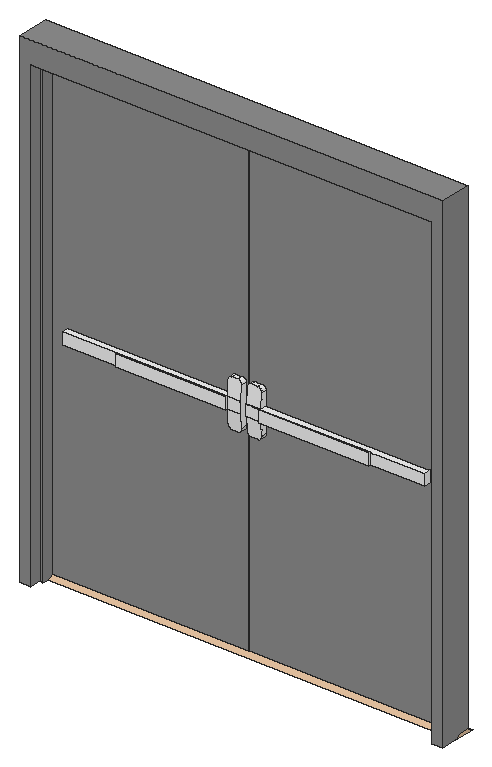
Revit family "9510c544ca0148e294b60fe760b29d81", category Doors, host Wall, Revit 2019
Family settings
  Host = Wall
  OmniClass Number = 23.30.10.00
  OmniClass Title = Doors
  Always vertical = Yes
  Cut with Voids When Loaded = No
  Shared = No
  Room Calculation Point = No
Parameters
  Visual Light Transmittance = 0
  Threshold Length [instance] = if(Masonry Frame, Width + 4", Width)  # 76"
  Threshold [instance] = yes
  Threshold Offset [instance] = if(Threshold, 1/2", 0")  # 1/2"
  Threshold Material = Cherry
  Thickness = 1 3/4"
  Thermal Resistance (R) = 1.5338 (h·ft²·°F)/BTU
  Swing Angle [instance] = 90.00°
  Strike Height = 40"
  Solar Heat Gain Coefficient = 0
  SinglePanelWidth = Width / 2  # 36"
  Rough Width [instance] = Width + MFOpeningWidth  # 76"
  Rough Height [instance] = Height + MFOpeningHeight  # 88"
  Panic Bar Material = Metal - Stainless Steel
  Panel Material = Metal - Painted - Grey
  Masonry Frame [instance] = yes
  MFOpeningHeight [instance] = if(Masonry Frame, 4", 1 1/4")  # 4"
  MFOpeningWidth [instance] = if(Masonry Frame, 4", 2 1/2")  # 4"
  Inset Calculate [instance] = if(Masonry Frame, Masonry Inset + 3", 3")  # 4"
  Masonry Inset [instance] = 1"
  Height = 84"
  Wall Closure = By host
  Width = 72"
  Heat Transfer Coefficient (U) = 0.6520 BTU/(h·ft²·°F)
  Function = Exterior
  Frame Material = Metal - Painted - Grey
  Masonry Frame Depth = 5 3/4"
  Exterior Pull Material = Metal - Stainless Steel
  Dry Wall Frame [instance] = not(Masonry Frame)  # no
  Assembly Code = "B2030200"
  Analytic Construction = "Metal"
Reference planes (in)
  plane 1 "Center (Front/Back)": y = 0
  plane 2 "Center (Left/Right)": x = 0
  plane 3 "Left": x = -38
  plane 4 "Right": x = 38
  plane 5 "Top": z = 88
  plane 6 "Exterior": y = 4.25
  plane 7 "Interior": y = -3.75
  plane 8 "Door Panel Right": x = -36
  plane 9 "Door Panel Left": x = 36
  plane 10 "Top Of Panel": z = 84
  plane 11: z = 0
  plane 12 "Interior Door Face": y = 1.5
  plane 13: z = 40
  plane 14 "1": y = 3.25
  plane 15: y = -2.5
  plane 16: y = 1.3125
  plane 17: x = -35.375
  plane 18: y = -0.5625
  plane 19: z = 86
  plane 20: y = 7.25
  plane 21: z = 86
  plane 22: x = 36.75
  plane 23: x = 38.75
  plane 24: y = 4.75
  plane 25: y = -4.25
  plane 26: x = 36.125
  plane 27: y = 1.3125
  plane 28: y = -0.1875
  plane 29: y = 2.375
  plane 30: z = 42.25
  plane 31: z = 0.5
  plane 32: z = 0.5
  plane 33: y = 8.5
  plane 34: x = -3
  plane 35: x = 3
Forms (in)
  Extrusion 1, solid, material "Metal - Painted - Grey" <- "Panel Material"
    sketch origin (0, 0, 0) x (1, 0, 0) y (0, 0, 1)
      loop
        line (36, 84) -> (0.0625, 84) -> (0.0625, 0.5) -> (36, 0.5) -> (36, 84)
      loop
        line (-36, 0.5) -> (-0.0625, 0.5) -> (-0.0625, 84) -> (-36, 84) -> (-36, 0.5)
    from -3.25 to -1.5
  Sweep 2, solid, material "Metal - Painted - Grey" <- "Frame Material", visible <- "Masonry Frame"
    path origin (0, 4.25, 0) x (1, 0, 0) y (0, 0, 1)
      loop
        line (38, 0) -> (38, 86) -> (-38, 86) -> (-38, 0)
    profile origin (-38, 4.25, 43) x (0, -1, 0) y (1, 0, 0)
      loop
        line (1, 2) -> (1, 0) -> (6.75, 0) -> (6.75, 2) -> (4.8125, 2) -> (4.8125, 2.625) -> (2.9375, 2.625) -> (2.9375, 2) -> (1, 2)
  Extrusion 3, solid, material "Metal - Painted - Grey" <- "Frame Material", visible <- "Masonry Frame"
    sketch origin (0, 0, 0) x (0, 1, 0) y (0, 0, 1)
      loop
        line (3.25, 88) -> (-2.5, 88) -> (-2.5, 86) -> (3.25, 86) -> (3.25, 88)
    from -38 to 38
  Sweep 4, solid, material "Metal - Painted - Grey" <- "Frame Material", visible <- "Dry Wall Frame"
    path origin (0, 4.25, 0) x (1, 0, 0) y (0, 0, 1)
      loop
        line (38, 0) -> (38, 88) -> (-38, 88) -> (-38, 0)
    profile origin (38, 4.25, 44) x (-1, 0, 0) y (0, -1, 0)
      loop
        line (-0.75, -0.5) -> (1.25, -0.5) -> (1.25, 2.9375) -> (1.875, 2.9375) -> (1.875, 4.4375) -> (1.25, 4.4375) -> (1.25, 8.5) -> (-0.75, 8.5) -> (-0.75, 8) -> (0, 8) -> (0, 0) -> (-0.75, 0) -> (-0.75, -0.5)
Cuts and joins
  joined: Sweep 2, Extrusion 3
Lines and regions (in)
  Opening 1
    outline origin (-90, -3.75, 0) x (1, 0, 0) y (0, 0, 1)
      loop
        line (52, 0) -> (128, 0) -> (128, 88) -> (52, 88) -> (52, 0)
  Masking region 1, visible <- "Masonry Frame", detail levels coarse+medium
    outline origin (0, 0, 0) x (1, 0, 0) y (0, 1, 0)
      loop
        line (-38, 3.25) -> (-38, -2.5) -> (-36, -2.5) -> (-36, 3.25) -> (-38, 3.25)
      loop
        line (38, 3.25) -> (36, 3.25) -> (36, -2.5) -> (38, -2.5) -> (38, 3.25)
  Masking region 2, visible <- "Masonry Frame", detail levels fine
    outline origin (0, 0, 0) x (1, 0, 0) y (0, 1, 0)
      loop
        line (-38, 3.25) -> (-38, -2.5) -> (-36, -2.5) -> (-36, -0.5625) -> (-35.375, -0.5625) -> (-35.375, 1.3125) -> (-36, 1.3125) -> (-36, 3.25) -> (-38, 3.25)
      loop
        line (38, 3.25) -> (36, 3.25) -> (36, 1.3125) -> (35.375, 1.3125) -> (35.375, -0.5625) -> (36, -0.5625) -> (36, -2.5) -> (38, -2.5) -> (38, 3.25)
  Masking region 3, visible <- "Dry Wall Frame", detail levels coarse+medium
    outline origin (0, 0, 0) x (1, 0, 0) y (0, 1, 0)
      loop
        line (36.75, -3.75) -> (38, -3.75) -> (38, 4.25) -> (36.75, 4.25) -> (36.75, -3.75)
      loop
        line (-38, 4.25) -> (-38, -3.75) -> (-36.75, -3.75) -> (-36.75, 4.25) -> (-38, 4.25)
  Masking region 4, visible <- "Dry Wall Frame", detail levels fine
    outline origin (0, 0, 0) x (1, 0, 0) y (0, 1, 0)
      loop
        line (-38.75, 4.75) -> (-38.75, 4.25) -> (-38, 4.25) -> (-38, -3.75) -> (-38.75, -3.75) -> (-38.75, -4.25) -> (-36.75, -4.25) -> (-36.75, -0.1875) -> (-36.125, -0.1875) -> (-36.125, 1.3125) -> (-36.75, 1.3125) -> (-36.75, 4.75) -> (-38.75, 4.75)
      loop
        line (38.75, 4.25) -> (38.75, 4.75) -> (36.75, 4.75) -> (36.75, 1.3125) -> (36.125, 1.3125) -> (36.125, -0.1875) -> (36.75, -0.1875) -> (36.75, -4.25) -> (38.75, -4.25) -> (38.75, -3.75) -> (38, -3.75) -> (38, 4.25) -> (38.75, 4.25)
  symbolic lines, style "Elevation Swing"
    curve 1: line (0, 0, 84) -> (36, 0, 42.25)
    curve 2: line (36, 0, 42.25) -> (0, 0, 0.49818)
    curve 3: line (-36, 0, 42.25) -> (0, 0, 84)
    curve 4: line (-36, 0, 42.25) -> (0, 0, 0.49818)
Text (in)
  text "Exterior" at (-74.96733, 27.31104, 0), in view "Ref. Level"
  text "Interior" at (-74.96733, -25.14366, 0), in view "Ref. Level"
  text "Exterior" at (0, 40.15149, 123.01588), in view "Right"
  text "Interior" at (0, -64.39139, 123.01588), in view "Right"
  text "Interior" at (0, -31.01599, 123.00693), in view "Left"
  text "Exterior" at (0, 54.57065, 123.00693), in view "Left"
Dimensions and locks (in)
  equal spacing: plane 3 "Left", plane 2 "Center (Left/Right)", plane 4 "Right"
  "Rough Height": level to plane 5 "Top"
  equal spacing: plane 8 "Door Panel Right", plane 2 "Center (Left/Right)", plane 9 "Door Panel Left"
  "Width": plane 8 "Door Panel Right" to plane 9 "Door Panel Left"
  "Height": level to plane 10 "Top Of Panel"
  "Rough Width": plane 3 "Left" to plane 4 "Right"
  "Thickness": plane 14 "1" to plane 12 "Interior Door Face"
  "Masonry Frame Depth": plane 14 "1" to plane 15
  locked: plane 12 "Interior Door Face" to plane 16 at 0.1875
  locked: plane 15 to plane 18 at 1.9375
  locked: plane 8 "Door Panel Right" to plane 17 at 0.625
  locked: plane 19 to plane 5 "Top" at 2
  locked: plane 6 "Exterior" to plane 20 at 3
  "Inset Calculate": plane 20 to plane 14 "1"
  locked: plane 10 "Top Of Panel" to plane 21 at 2
  locked: plane 4 "Right" to plane 23 at 0.75
  locked: plane 6 "Exterior" to plane 24 at 0.5
  locked: plane 25 to plane 7 "Interior" at 0.5
  locked: plane 22 to plane 23 at 2
  plane 12 "Interior Door Face" to plane 27 to plane 28 = 3/16" locked, 1 1/2" locked
  locked: plane 26 to plane 22 at 0.625
  "Strike Height": plane 11 to plane 13
  locked: Extrusion 1 sketch curve to plane 2 "Center (Left/Right)" at 0.0625
  locked: plane 2 "Center (Left/Right)" to Extrusion 1 sketch curve at 0.0625
  equal spacing: plane 14 "1", plane 29, plane 12 "Interior Door Face"
  locked: plane 31 to plane 32
  equal spacing: plane 31, plane 30, plane 10 "Top Of Panel"
  "Threshold Offset": plane 32 to plane 11
  equal spacing: plane 35, plane 2 "Center (Left/Right)", plane 34
  locked: plane 35 to plane 2 "Center (Left/Right)" at 3
  aligned and locked: plane 3 "Left" to Opening 1 sketch curve
  aligned and locked: plane 5 "Top" to Opening 1 sketch curve  (x2)
  aligned and locked: Opening 1 sketch curve to plane 4 "Right"
  aligned and locked: Opening 1 sketch curve to level
  aligned and locked: plane 6 "Exterior" to host wall
  aligned and locked: plane 7 "Interior" to host wall
  aligned and locked: plane 11 to level
  aligned and locked: Extrusion 1 sketch curve to plane 10 "Top Of Panel"
  aligned and locked: Extrusion 1 sketch curve to plane 8 "Door Panel Right"
  aligned and locked: plane 9 "Door Panel Left" to Extrusion 1 sketch curve
  aligned and locked: Extrusion 1 to plane 12 "Interior Door Face"
  aligned and locked: nested 1 to plane 9 "Door Panel Left"
  aligned and locked: nested 1 to plane 14 "1"
  aligned and locked: Extrusion 1 to nested 1
  aligned and locked: Sweep 2 sketch curve to plane 3 "Left"  (x2)
  aligned and locked: plane 11 to Sweep 2 sketch curve  (x2)
  aligned and locked: plane 17 to Sweep 2 sketch curve
  aligned and locked: plane 8 "Door Panel Right" to Sweep 2 sketch curve  (x2)
  aligned and locked: Sweep 2 sketch curve to plane 16
  aligned and locked: plane 18 to Sweep 2 sketch curve
  aligned and locked: plane 15 to Sweep 2 sketch curve
  aligned and locked: Sweep 2 sketch curve to plane 14 "1"
  aligned and locked: Sweep 2 sketch curve to plane 4 "Right"
  aligned and locked: plane 5 "Top" to Extrusion 3 sketch curve
  aligned and locked: Extrusion 3 sketch curve to plane 15
  aligned and locked: Extrusion 3 sketch curve to plane 14 "1"
  aligned and locked: plane 19 to Extrusion 3 sketch curve
  aligned and locked: cut or joined group of Sweep 2, Extrusion 3 to plane 4 "Right"
  aligned and locked: plane 3 "Left" to cut or joined group of Sweep 2, Extrusion 3
  aligned and locked: Masking region 1 sketch curve to plane 14 "1"  (x2)
  aligned and locked: plane 8 "Door Panel Right" to Masking region 1 sketch curve
  aligned and locked: plane 15 to Masking region 1 sketch curve  (x2)
  aligned and locked: Masking region 1 sketch curve to plane 3 "Left"
  aligned and locked: Masking region 1 sketch curve to plane 4 "Right"
  aligned and locked: plane 9 "Door Panel Left" to Masking region 1 sketch curve
  aligned and locked: Masking region 2 sketch curve to plane 3 "Left"
  aligned and locked: plane 15 to Masking region 2 sketch curve  (x2)
  aligned and locked: plane 8 "Door Panel Right" to Masking region 2 sketch curve  (x2)
  aligned and locked: Masking region 2 sketch curve to plane 14 "1"  (x2)
  aligned and locked: Masking region 2 sketch curve to cut or joined group of Sweep 2, Extrusion 3  (x4)
  aligned and locked: Masking region 2 sketch curve to plane 4 "Right"
  aligned and locked: plane 9 "Door Panel Left" to Masking region 2 sketch curve  (x2)
  aligned and locked: cut or joined group of Sweep 2, Extrusion 3 to Masking region 2 sketch curve  (x2)
  aligned and locked: Sweep 2 sketch curve to plane 21
  aligned and locked: plane 4 "Right" to Sweep 4 sketch curve
  aligned and locked: Sweep 4 sketch curve to plane 3 "Left"
  aligned and locked: plane 23 to Sweep 4 sketch curve  (x2)
  aligned and locked: Sweep 4 sketch curve to plane 7 "Interior"
  aligned and locked: plane 25 to Sweep 4 sketch curve
  aligned and locked: Sweep 4 sketch curve to plane 22  (x2)
  aligned and locked: plane 28 to Sweep 4 sketch curve
  aligned and locked: plane 26 to Sweep 4 sketch curve
  aligned and locked: Sweep 4 sketch curve to plane 27
  aligned and locked: Sweep 4 sketch curve to plane 24
  aligned and locked: plane 6 "Exterior" to Sweep 4 sketch curve
  aligned and locked: Sweep 4 sketch curve to plane 4 "Right"
  aligned and locked: plane 5 "Top" to Sweep 4 sketch curve
  aligned and locked: Masking region 3 sketch curve to plane 6 "Exterior"
  aligned and locked: plane 7 "Interior" to Masking region 3 sketch curve
  aligned and locked: Masking region 3 sketch curve to plane 4 "Right"
  aligned and locked: Masking region 3 sketch curve to Sweep 4  (x2)
  aligned and locked: plane 6 "Exterior" to Masking region 3 sketch curve
  aligned and locked: Masking region 3 sketch curve to plane 3 "Left"
  aligned and locked: Masking region 3 sketch curve to plane 7 "Interior"
  aligned and locked: Masking region 4 sketch curve to plane 3 "Left"
  aligned and locked: Masking region 4 sketch curve to Sweep 4  (x13)
  aligned and locked: Masking region 4 sketch curve to plane 6 "Exterior"
  aligned and locked: plane 7 "Interior" to Masking region 4 sketch curve
  aligned and locked: Masking region 4 sketch curve to plane 4 "Right"
  aligned and locked: Masking region 4 sketch curve to plane 7 "Interior"
  aligned and locked: Sweep 4 to Masking region 4 sketch curve  (x5)
  aligned and locked: plane 6 "Exterior" to Masking region 4 sketch curve
  aligned and locked: plane 11 to Sweep 4 sketch curve  (x2)
  aligned and locked: nested 2 to plane 8 "Door Panel Right"
  aligned and locked: plane 14 "1" to nested 2
  aligned and locked: plane 31 to Extrusion 1 sketch curve  (x2)
  aligned and locked: plane 2 "Center (Left/Right)" to curve 2
  aligned and locked: plane 13 to nested 3
  aligned and locked: plane 13 to nested 4
  aligned and locked: nested 3 to plane 34
  aligned and locked: plane 35 to nested 4
  aligned and locked: nested 3 to Extrusion 1
  aligned and locked: nested 4 to Extrusion 1
  aligned and locked: plane 13 to nested 5
  aligned and locked: plane 35 to nested 5
  aligned and locked: nested 7 to plane 34
  aligned and locked: nested 7 to plane 13
  aligned and locked: plane 12 "Interior Door Face" to nested 7
  aligned and locked: nested 5 to plane 12 "Interior Door Face"
  aligned and locked: nested 6 to plane 2 "Center (Left/Right)"
  aligned and locked: plane 29 to nested 6
Automatic sketch dimensions
  Extrusion 1 sketch curve to plane 10 "Top Of Panel" = 0"
  plane 8 "Door Panel Right" to curve 4 = 0"
  curve 3 to plane 2 "Center (Left/Right)" = 0"
  plane 9 "Door Panel Left" to curve 2 = 0"
  curve 2 to plane 30 = 0"
  curve 3 to plane 30 = 0"
  curve 3 to plane 10 "Top Of Panel" = 0"
  curve 4 to plane 31 = 0.00182"
Nested families (in)
  nested 1: "Door Swing-Single" at (36, 3.25, 0), Swing Angle <- "Swing Angle", type "Single"
    with Swing Visible yes, Swing Angle 90.00°, Actual Angle 90.00°, Width 36", Thickness 1 3/4"
  nested 2: "Door Swing-Single" at (-36, 3.25, 0) x (-1, 0, 0) z (0, 0, 1), Swing Angle <- "Swing Angle", type "Single"
    with Swing Visible yes, Swing Angle 90.00°, Actual Angle 90.00°, Width 36", Thickness 1 3/4"
  nested 3: "Exterior Pull" at (-3, 3.25, 40), type "With Lock", detail levels fine
  nested 4: "Exterior Pull" at (3, 3.25, 40), type "Without Lock", detail levels fine
  nested 5: "Panic Bar" at (3, 1.5, 40), type "Standard", detail levels fine
  nested 6: "Threshold" at (0, 2.375, 0) x (0, -1, 0) z (0, 0, 1), visible <- "Threshold", type "Threshold"
    with Threshold Length 76", Panel Width 1 3/4"
  nested 7: "Panic Bar" at (-3, 1.5, 40) x (-1, 0, 0) z (0, 0, 1), type "Standard", detail levels fine
Definition of nested family "Exterior Pull"
  Parameters (values of type "With Lock")
    Width = 3"
    Thickness = 1/2"
    Material = none
    Lock = yes
    Height = 14"
    Analytic Construction = "<None>"
  Types (2): name | Lock
    With Lock | yes
    Without Lock | no
  Reference planes (in)
    plane 1 "Center (Front/Back)": y = 0
    plane 2: z = 0
    plane 3 "Center (Left/Right)": x = 0
    plane 4: z = -7
    plane 5: z = 7
    plane 6: x = 1.5
    plane 7: x = -1.5
    plane 8: z = 4
    plane 9: y = -0.25
    plane 10: y = 0.33333
    plane 11: y = 0.5
    plane 12: y = 0.84375
  Forms (in)
    Extrusion 1, solid, material <- "Material"
      sketch origin (0, 0, 0) x (1, 0, 0) y (0, 0, 1)
        loop
          line (1.5, -7) -> (1.5, 7)
          arc (1.5, 7) -> (0, 7.33604) -> (-1.5, 7) r 3.51581
          line (-1.5, 7) -> (-1.5, -7)
          arc (-1.5, -7) -> (0, -7.33604) -> (1.5, -7) r 3.51581
      from -0.5 to 0
    Extrusion 2, solid, material <- "Material", visible <- "Lock"
      sketch origin (0, 0, 0) x (1, 0, 0) y (0, 0, 1)
        loop
          circle (0, 4) r 0.74803
      from -0.84375 to -0.5
    Sweep 3, solid, material <- "Material"
      path origin (0, 0, 0) x (0, 1, 0) y (0, 0, 1)
        loop
          line (0.5, 0) -> (1.5, 0)
          arc (1.5, 0) -> (1.85355, -0.14645) -> (2, -0.5) r 0.5
          line (2, -0.5) -> (2, -4.5)
          arc (2, -4.5) -> (1.85355, -4.85355) -> (1.5, -5) r 0.5
          line (1.5, -5) -> (0.5, -5)
      profile origin (0, 1, 0) x (0, 0, 1) y (1, 0, 0)
        loop
          line (-0.04688, -0.3937) -> (0.04688, -0.3937)
          arc (0.04688, -0.3937) -> (0.14631, -0.35251) -> (0.1875, -0.25308) r 0.14063
          line (0.1875, -0.25308) -> (0.1875, 0.25308)
          arc (0.1875, 0.25308) -> (0.14631, 0.35251) -> (0.04688, 0.3937) r 0.14063
          line (0.04688, 0.3937) -> (-0.04689, 0.3937)
          arc (-0.04689, 0.3937) -> (-0.14632, 0.35252) -> (-0.1875, 0.25309) r 0.14061
          line (-0.1875, 0.25309) -> (-0.1875, -0.25308)
          arc (-0.1875, -0.25308) -> (-0.14631, -0.35251) -> (-0.04688, -0.3937) r 0.14063
  Dimensions and locks (in)
    equal spacing: plane 4, plane 2, plane 5
    "Height": plane 4 to plane 5
    equal spacing: plane 7, plane 3 "Center (Left/Right)", plane 6
    "Width": plane 7 to plane 6
    plane 8 to plane 5 = 3"
    plane 1 "Center (Front/Back)" to plane 9 = 1/4"
    "Thickness": plane 11 to plane 1 "Center (Front/Back)"
    locked: plane 12 to plane 11 at 0.34375
    aligned and locked: plane 2 to level
    aligned and locked: Extrusion 1 sketch curve to plane 6
    aligned and locked: Extrusion 1 sketch curve to plane 7
    aligned and locked: plane 11 to Extrusion 1
    aligned and locked: plane 1 "Center (Front/Back)" to Extrusion 1
    aligned and locked: Extrusion 2 to plane 12
    aligned and locked: Extrusion 2 to plane 11
  Automatic sketch dimensions
    Extrusion 1 sketch curve to plane 3 "Center (Left/Right)" = 0"  (x2)
    Extrusion 1 sketch curve to plane 5 = 0"
    plane 4 to Extrusion 1 sketch curve = 3.17977"
    plane 5 to Extrusion 1 sketch curve = 3.17977"
    Extrusion 1 sketch curve to plane 4 = 0"
    Sweep 3 sketch curve to level = 0"
    Sweep 3 sketch curve to plane 1 "Center (Front/Back)" = 1/2"  (x2)
    plane 10 to Sweep 3 sketch curve = 1.16667"  (x2)
    Sweep 3 sketch curve to Sweep 3 sketch curve = 1/2"
    plane 4 to Sweep 3 sketch curve = 2 1/2"
    profile plane to Sweep 3 sketch curve = 3/16"
    profile plane to Sweep 3 sketch curve = 3/64"  (x2)
    Sweep 3 sketch curve to profile plane = 3/64"  (x2)
    Sweep 3 sketch curve to Sweep 3 sketch curve = 9/64"
    Sweep 3 sketch curve to plane 3 "Center (Left/Right)" = 0.3937"
    plane 3 "Center (Left/Right)" to Sweep 3 sketch curve = 0.25308"
    Extrusion 2 sketch curve to plane 3 "Center (Left/Right)" = 0"
    Extrusion 2 sketch curve to plane 8 = 0"
    radius of Extrusion 2 sketch curve = 0.74803"
Definition of nested family "Panic Bar"
  Parameters (values of type "Standard")
    Width = 0"
    Thickness = 0"
    Material = none
    Door Panel Width = 36"
    Overall Length = Door Panel Width - 4"  # 32"
    Height = 0"
    Analytic Construction = "<None>"
  Reference planes (in)
    plane 1 "Center (Front/Back)": y = 0
    plane 2: z = 0
    plane 3 "Center (Left/Right)": x = 0
    plane 4: x = 29.5
    plane 5: x = -2.5
    plane 6: z = 4.25
    plane 7: z = 1
    plane 8: z = -1
    plane 9: x = 19.66667
    plane 10: y = -1.25
    plane 11: y = -1.12499
    plane 12: z = -4.25
    plane 13: y = -1.5
    plane 14: x = 9.83333
    plane 15: x = -1.25
  Forms (in)
    Extrusion 1, solid, material <- "Material"
      sketch origin (0, 0, 0) x (1, 0, 0) y (0, 0, 1)
        loop
          line (-1.75, -4.25) -> (-0.75, -4.25)
          arc (-0.75, -4.25) -> (-0.21967, -4.03033) -> (0, -3.5) r 0.75
          line (0, -3.5) -> (0, 3.5)
          arc (0, 3.5) -> (-0.21967, 4.03033) -> (-0.75, 4.25) r 0.75
          line (-0.75, 4.25) -> (-1.75, 4.25)
          arc (-1.75, 4.25) -> (-2.28033, 4.03033) -> (-2.5, 3.5) r 0.75
          line (-2.5, 3.5) -> (-2.5, -3.5)
          arc (-2.5, -3.5) -> (-2.28033, -4.03033) -> (-1.75, -4.25) r 0.75
      from 0 to 1.12499
    Extrusion 2, solid, material <- "Material"
      sketch origin (0, 0, 0) x (1, 0, 0) y (0, 0, 1)
        loop
          line (-2.5, 1) -> (-2.5, -1) -> (29.5, -1) -> (29.5, 1) -> (-2.5, 1)
      from 0 to 1.25
    Extrusion 3, solid, material <- "Material"
      sketch origin (0, 0, 0) x (1, 0, 0) y (0, 0, 1)
        loop
          line (0, 1) -> (0, -1) -> (19.66667, -1) -> (19.66667, 1) -> (0, 1)
      from 1.25 to 1.5
    Extrusion 4, void
      sketch origin (0, 0, 0) x (0, 1, 0) y (0, 0, 1)
        loop
          line (-1.5, 4.25) -> (-1.5, 1) -> (-1.12499, 1) -> (-0.86856, 4.25) -> (-1.5, 4.25)
        loop
          line (-1.5, -4.25) -> (-0.86856, -4.25) -> (-1.12499, -1) -> (-1.5, -1) -> (-1.5, -4.25)
      from -2.5 to 0
  Cuts and joins
    Extrusion 4 cuts Extrusion 1
    Extrusion 4 cuts Extrusion 2
    joined: Extrusion 1, Extrusion 2
    Extrusion 4 cuts Extrusion 3
  Dimensions and locks (in)
    equal spacing: plane 6, plane 2, plane 12
    locked: plane 6 to plane 12 at 8.5
    plane 1 "Center (Front/Back)" to plane 10 = 1 1/4"
    "Overall Length": plane 5 to plane 4
    plane 7 to plane 8 = 2"
    equal spacing: plane 7, level, plane 8
    plane 11 to plane 1 "Center (Front/Back)" = 1 1/8"
    locked: plane 13 to plane 10 at 0.25
    equal spacing: plane 4, plane 9, plane 14, plane 3 "Center (Left/Right)"
    locked: plane 3 "Center (Left/Right)" to plane 5 at 2.5
    equal spacing: plane 3 "Center (Left/Right)", plane 15, plane 5
    radius of Extrusion 1 sketch curve = 3/4"  (x4)
    aligned and locked: plane 2 to level
    aligned and locked: plane 4 to cut or joined group of Extrusion 1, Extrusion 2, Extrusion 4
    aligned and locked: plane 13 to Extrusion 3
    aligned and locked: Extrusion 1 to plane 1 "Center (Front/Back)"
    aligned and locked: Extrusion 2 to plane 1 "Center (Front/Back)"
    aligned and locked: cut or joined group of Extrusion 1, Extrusion 2, Extrusion 4 to plane 11
    aligned and locked: Extrusion 3 to plane 10
    aligned and locked: plane 10 to cut or joined group of Extrusion 1, Extrusion 2, Extrusion 4
    aligned and locked: plane 5 to Extrusion 2 sketch curve
    aligned and locked: Extrusion 4 to Extrusion 3
    aligned and locked: Extrusion 4 to plane 5
    aligned and locked: cut or joined group of Extrusion 3, Extrusion 4 to plane 3 "Center (Left/Right)"
  Automatic sketch dimensions
    Extrusion 3 sketch curve to plane 8 = 0"
    Extrusion 3 sketch curve to plane 7 = 0"
    Extrusion 3 sketch curve to plane 9 = 0"
    Extrusion 1 sketch curve to plane 5 = 0"
    Extrusion 1 sketch curve to plane 6 = 0"
    Extrusion 1 sketch curve to plane 12 = 0"
    Extrusion 1 sketch curve to plane 3 "Center (Left/Right)" = 3/4"
    Extrusion 2 sketch curve to plane 4 = 0"
    Extrusion 2 sketch curve to plane 8 = 0"
    Extrusion 2 sketch curve to plane 7 = 0"
    Extrusion 4 sketch curve to plane 6 = 0"
    Extrusion 4 sketch curve to plane 13 = 0"  (x2)
    plane 8 to Extrusion 4 sketch curve = 0"
    Extrusion 4 sketch curve to plane 7 = 0"
    Extrusion 4 sketch curve to plane 11 = 0"  (x2)
    plane 12 to Extrusion 4 sketch curve = 0"
    Extrusion 4 sketch curve to plane 11 = 0.25643"  (x2)
    plane 3 "Center (Left/Right)" to Extrusion 3 sketch curve = 0"
Definition of nested family "Threshold"
  Parameters (values of type "Threshold")
    Threshold Length = 60"
    Threshold Height = 1/2"
    Panel Width = 1 3/8"
    Material = none
    Analytic Construction = "<None>"
  Reference planes (in)
    plane 1 "Center (Front/Back)": y = 0
    plane 2: z = 0
    plane 3 "Center (Left/Right)": x = 0
    plane 4: x = -1.6875
    plane 5: x = 1.6875
    plane 6: z = 0.5
    plane 7: x = -0.6875
    plane 8: x = 0.6875
    plane 9: y = 30
    plane 10: y = -30
  Forms (in)
    Extrusion 1, solid, material <- "Material"
      sketch origin (0, 0, 0) x (1, 0, 0) y (0, 0, 1)
        loop
          line (-1.6875, 0) -> (1.6875, 0) -> (0.6875, 0.5) -> (-0.6875, 0.5) -> (-1.6875, 0)
      from -30 to 30
  Dimensions and locks (in)
    "Threshold Height": plane 6 to plane 2
    equal spacing: plane 8, plane 3 "Center (Left/Right)", plane 7
    "Panel Width": plane 8 to plane 7
    equal spacing: plane 9, plane 1 "Center (Front/Back)", plane 10
    "Threshold Length": plane 9 to plane 10
    locked: plane 7 to plane 4 at 1
    locked: plane 8 to plane 5 at 1
    aligned and locked: plane 2 to level
    aligned and locked: Extrusion 1 sketch curve to plane 6
    aligned and locked: Extrusion 1 sketch curve to plane 2
    aligned and locked: plane 5 to Extrusion 1 sketch curve
    aligned and locked: plane 7 to Extrusion 1 sketch curve
    aligned and locked: plane 8 to Extrusion 1 sketch curve
    aligned and locked: plane 9 to Extrusion 1
    aligned and locked: plane 10 to Extrusion 1
  Automatic sketch dimensions
    Extrusion 1 sketch curve to plane 4 = 0"
Definition of nested family "Door Swing-Single"
  Parameters
    Width = 32"
    Thickness = 1 3/8"
    Swing Visible [instance] = Swing Angle > 1.00°  # yes
    Swing Angle [instance] = 45.00°
    Assembly Code = ""
    Actual Angle [instance] = if(Swing Angle < 1.00°, 1.00°, Swing Angle)  # 45.00°
  Reference planes (in)
    plane 1 "Center (Front/Back)": y = 0
    plane 2: z = 0
    plane 3 "Center (Left/Right)": x = 0
    plane 4: x = -32
  Lines and regions (in)
    Masking region 1
      outline origin (0, 0, 0) x (-0.707107, 0.707107, 0) y (-0.707107, -0.707107, 0)
        loop
          line (0, 0) -> (32, 0) -> (32, 1.375) -> (0, 1.375) -> (0, 0)
    symbolic lines
      curve 1: line (0, 0, 0) -> (-32, 0, 0)
    symbolic lines, visible <- "Swing Visible"
      curve 2: arc (-32, 0, 0) -> (-29.56415, 12.24587, 0) -> (-22.62742, 22.62742, 0) r 32
    reference lines
      curve 3: line (0, 0, 0) -> (-22.62742, 22.62742, 0)
    model lines
      curve 4: line (0, 0, 0) -> (0, 0, 1)
  Dimensions and locks (in)
    "Width": plane 4 to plane 3 "Center (Left/Right)"
    locked: curve 2 to plane 3 "Center (Left/Right)"
    locked: curve 2 to plane 1 "Center (Front/Back)"
    "Width": curve 3 to curve 3
    "Thickness": Masking region 1 sketch curve to Masking region 1 sketch curve
    locked: curve 4 to plane 2 at 1
    "Width": radius of curve 2
    "Actual Angle": angle curve 2 to curve 2
    "Swing Angle": angle curve 3 to plane 1 "Center (Front/Back)"
    aligned and locked: curve 1 to plane 1 "Center (Front/Back)"
    aligned and locked: plane 3 "Center (Left/Right)" to curve 1
    aligned and locked: plane 3 "Center (Left/Right)" to curve 3
    aligned and locked: plane 1 "Center (Front/Back)" to curve 3
    aligned and locked: curve 3 to Masking region 1 sketch curve
    aligned and locked: Masking region 1 sketch curve to curve 3  (x2)
    aligned and locked: plane 3 "Center (Left/Right)" to curve 4
    aligned and locked: plane 2 to curve 4
